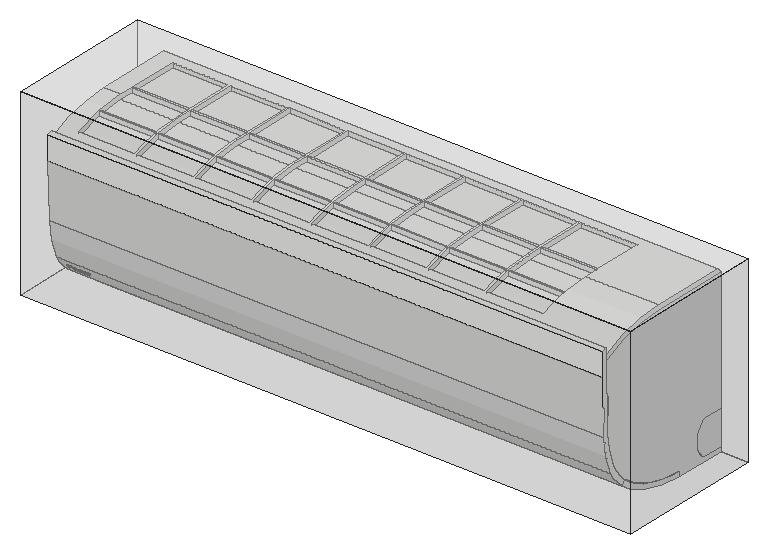
Revit family "outputfile", category 機械設備, Revit 2024
Family settings
  丸型コネクタ寸法 = 半径を使用
  パーツ タイプ = 標準
  OmniClass 番号 = 23.75.10.24.21.27.27
  OmniClass タイトル = Split System Air Conditioning Units
  作業面ベース = いいえ
  常に垂直 = はい
  ロード時にボイドで切り取り = いいえ
  注釈の向きを維持 = いいえ
  共有 = いいえ
  部屋計算ポイント = いいえ
Parameters (values of type "FTXV50UVMA")
  Description = ""
  書き出し IFC クラス(タイプ) = "IfcUnitaryEquipmentType"
  定義済み IFC タイプ(タイプ) = "AIRCONDITIONINGUNIT"
  Cost = 0
  Type Comments = ""
  Keynote = ""
  Type Image = (empty or 0)
  Assembly Code = ""
  w_wall hole = if(Width = 770.0 mm, 48.0 mm, 60.0 mm)  # 60.0 mm
  製造元 = "Daikin"
  モデル = "FTXV50UVMA"
  switch_frequency = yes
  r_Liquid Pipe Size = Liquid Pipe Size / 2  # 3.2 mm
  r_Gas Pipe Size = Gas Pipe Size / 2  # 6.35 mm
  r_Drain Pipe Size = Drain Pipe Size / 2  # 8.0 mm
  lw_powersupply [instance] = if(Width = 770.0 mm, if(or(Rear Right Connection_refrigerant, Bottom Right Connection_refrigerant), 25.0 mm, if(or(Rear Left Connection_refrigerant, Bottom Left Connection_refrigerant), 745.0 mm, 400.0 mm)), if(Width = 990.0 mm, if(or(Rear Right Connection_refrigerant, Bottom Right Connection_refrigerant), 40.0 mm, if(or(Rear Left Connection_refrigerant, Bottom Left Connection_refrigerant), 920.0 mm, 400.0 mm)), if(or(Rear Right Connection_refrigerant, Bottom Right Connection_refrigerant), 40.0 mm, if(or(Rear Left Connection_refrigerant, Bottom Left Connection_refrigerant), 920.0 mm, 400.0 mm))))  # 400.0 mm
  lw_liquidpipe [instance] = if(Width = 770.0 mm, if(or(Rear Right Connection_refrigerant, Bottom Right Connection_refrigerant), 0.0 mm, if(or(Rear Left Connection_refrigerant, Bottom Left Connection_refrigerant), 664.0 mm, 385.0 mm)), if(Width = 990.0 mm, if(or(Rear Right Connection_refrigerant, Bottom Right Connection_refrigerant), 0.0 mm, if(or(Rear Left Connection_refrigerant, Bottom Left Connection_refrigerant), 664.0 mm + (990.0 mm - 770.0 mm), 475.0 mm)), if(or(Rear Right Connection_refrigerant, Bottom Right Connection_refrigerant), 0.0 mm, if(or(Rear Left Connection_refrigerant, Bottom Left Connection_refrigerant), 664.0 mm + (990.0 mm - 770.0 mm), 475.0 mm))))  # 475.0 mm
  lw_gaspipe [instance] = if(Width = 770.0 mm, if(or(Rear Right Connection_refrigerant, Bottom Right Connection_refrigerant), 0.0 mm, if(or(Rear Left Connection_refrigerant, Bottom Left Connection_refrigerant), 675.0 mm, if(Gas Pipe Size = 12.7 mm, 345.0 mm, 335.0 mm))), if(Width = 990.0 mm, if(or(Rear Right Connection_refrigerant, Bottom Right Connection_refrigerant), 10.0 mm, if(or(Rear Left Connection_refrigerant, Bottom Left Connection_refrigerant), 890.0 mm, if(Gas Pipe Size = 15.9 mm, 410.0 mm, 400.0 mm))), if(or(Rear Right Connection_refrigerant, Bottom Right Connection_refrigerant), 10.0 mm, if(or(Rear Left Connection_refrigerant, Bottom Left Connection_refrigerant), 890.0 mm, if(Gas Pipe Size = 15.9 mm, 410.0 mm, 400.0 mm)))))  # 400.0 mm
  lw_drainpipe [instance] = if(Width = 770.0 mm, if(or(Rear Right Connection_refrigerant, Bottom Right Connection_refrigerant), 0.0 mm, if(or(Rear Left Connection_refrigerant, Bottom Left Connection_refrigerant), 770.0 mm - 48.0 mm - 48.0 mm, 440.0 mm)), if(Width = 990.0 mm, if(or(Rear Right Connection_refrigerant, Bottom Right Connection_refrigerant), 0.0 mm, if(or(Rear Left Connection_refrigerant, Bottom Left Connection_refrigerant), 675.0 mm + (990.0 mm - 770.0 mm), 435.0 mm)), if(or(Rear Right Connection_refrigerant, Bottom Right Connection_refrigerant), 0.0 mm, if(or(Rear Left Connection_refrigerant, Bottom Left Connection_refrigerant), 675.0 mm + (990.0 mm - 770.0 mm), 435.0 mm))))  # 435.0 mm
  l_powersupply_length [instance] = if(Width = 770.0 mm, if(Right Connection_refrigerant, 400.0 mm, if(Left Connection_refrigerant, 770.0 mm - 400.0 mm, if(or(Rear Left Connection_refrigerant, Rear Right Connection_refrigerant), 15.0 mm, 50.0 mm))), if(Width = 990.0 mm, if(Right Connection_refrigerant, 400.0 mm, if(Left Connection_refrigerant, 990.0 mm - 400.0 mm, if(or(Rear Left Connection_refrigerant, Rear Right Connection_refrigerant), 15.0 mm, 50.0 mm))), if(Right Connection_refrigerant, 400.0 mm, if(Left Connection_refrigerant, 990.0 mm - 400.0 mm, if(or(Rear Left Connection_refrigerant, Rear Right Connection_refrigerant), 15.0 mm, 50.0 mm)))))  # 400.0 mm
  l_liquidpipe_length [instance] = if(Width = 770.0 mm, if(Right Connection_refrigerant, 433.0 mm, if(Left Connection_refrigerant, 337.0 mm, if(or(Rear Left Connection_refrigerant, Rear Right Connection_refrigerant), 30.0 mm, 40.0 mm))), if(Width = 990.0 mm, if(Right Connection_refrigerant, 535.0 mm, if(Left Connection_refrigerant, 455.0 mm, if(or(Rear Left Connection_refrigerant, Rear Right Connection_refrigerant), 30.0 mm, 40.0 mm))), if(Right Connection_refrigerant, 535.0 mm, if(Left Connection_refrigerant, 455.0 mm, if(or(Rear Left Connection_refrigerant, Rear Right Connection_refrigerant), 30.0 mm, 40.0 mm)))))  # 535.0 mm
  l_gaspipe_length [instance] = if(Width = 770.0 mm, if(Right Connection_refrigerant, if(Gas Pipe Size = 12.7 mm, 393.0 mm, 383.0 mm), if(Left Connection_refrigerant, if(Gas Pipe Size = 12.7 mm, 770.0 mm - 393.0 mm, 770.0 mm - 383.0 mm), if(or(Rear Left Connection_refrigerant, Rear Right Connection_refrigerant), 40.0 mm, 50.0 mm))), if(Width = 990.0 mm, if(Right Connection_refrigerant, if(Gas Pipe Size = 15.9 mm, 470.0 mm, 460.0 mm), if(Left Connection_refrigerant, if(Gas Pipe Size = 15.9 mm, 990.0 mm - 470.0 mm, 990.0 mm - 460.0 mm), if(or(Rear Left Connection_refrigerant, Rear Right Connection_refrigerant), 40.0 mm, 50.0 mm))), if(Right Connection_refrigerant, if(Gas Pipe Size = 15.9 mm, 460.0 mm, 460.0 mm), if(Left Connection_refrigerant, if(Gas Pipe Size = 15.9 mm, 990.0 mm - 460.0 mm, 990.0 mm - 460.0 mm), if(or(Rear Left Connection_refrigerant, Rear Right Connection_refrigerant), 40.0 mm, 50.0 mm)))))  # 460.0 mm
  l_drainpipe_length [instance] = if(Width = 770.0 mm, if(Right Connection_refrigerant, 488.0 mm, if(Left Connection_refrigerant, 282.0 mm, if(or(Rear Left Connection_refrigerant, Rear Right Connection_refrigerant), 15.0 mm, 20.0 mm))), if(Width = 990.0 mm, if(Right Connection_refrigerant, 495.0 mm, if(Left Connection_refrigerant, 495.0 mm, if(or(Rear Left Connection_refrigerant, Rear Right Connection_refrigerant), 15.0 mm, 20.0 mm))), if(Right Connection_refrigerant, 495.0 mm, if(Left Connection_refrigerant, 495.0 mm, if(or(Rear Left Connection_refrigerant, Rear Right Connection_refrigerant), 15.0 mm, 20.0 mm)))))  # 495.0 mm
  h*** = 0.0 mm  # constant formula
  connector_voltage = Voltage_50Hz  # 230 V
  connector_powerinput = [Power Input (Cooling)]  # 1.280 kW
  connector_phase = Phase_50Hz  # 1
  angle_vertical [instance] = if(or(Bottom Left Connection_refrigerant, Bottom Right Connection_refrigerant), 0.00°, 90.00°)  # 90.00°
  angle_horizontal [instance] = if(Right Connection_refrigerant, 90.00°, if(Left Connection_refrigerant, -90.00°, if(or(Rear Left Connection_refrigerant, Rear Right Connection_refrigerant), 180.00°, 0.00°)))  # 90.00°
  Width = 990.0 mm
  Voltage_comment_60Hz = "220-230"
  Voltage_comment_50Hz = "220 - 240"
  Voltage_60Hz = 220 V
  Voltage_50Hz = 230 V
  Version = "ver.1.0"
  Unit Type = "Wall Mounted"
  Unit Mass Weight = 13.00 kg
  Unit Designation [instance] = ""
  Uniclass2015Version = "Products v1.30"
  Uniclass2015Title = "Split coil room air conditioning units"
  Uniclass2015Code = "Pr_70_65_03_86"
  URL = ""
  Total Heating Capacity [instance] = 0.000 kW
  Total Cooling Capacity [instance] = 0.000 kW
  Sound Pressure Level_M speed (dBA) = 40
  Sound Pressure Level_L speed (dBA) = 35
  Sound Pressure Level_H speed (dBA) = 45
  Sound Power Level_H speed (dB) = 0
  Series = "Single Split_Fan Coil Unit"
  Sensible Cooling Capacity [instance] = 0.000 kW
  Refrigerant Type = "R32"
  Power Input (Heating) = 1.430 kW
  Power Input (Cooling) = 1.280 kW
  Phase_60Hz = 1
  Phase_50Hz = 1
  Option Accessory 3 [instance] = ""
  Option Accessory 2 [instance] = ""
  Option Accessory 1 [instance] = ""
  Nominal Heating Capacity = 6.000 kW
  Nominal Cooling Capacity = 5.000 kW
  Minimum Circuit Amps_60Hz = 0.0 A
  Minimum Circuit Amps_50Hz = 0.0 A
  Minimum Airflow = 666.00 m³/h
  Median Airflow = 816.00 m³/h
  Maximum Fuse Amps_60Hz = 0.0 A
  Maximum Fuse Amps_50Hz = 0.0 A
  Maximum Airflow = 960.00 m³/h
  Material_Casing = DAIKIN_PureWhite_Casing_indoorunit
  Load Classification = HVAC
  Liquid Pipe Size = 6.4 mm
  Link_Nested Family [instance] = ""
  IfcVersion = ""
  IfcExportType = "AIRCONDITIONINGUNIT"
  IfcExportAs = "IfcUnitaryEquipmentType"
  Height = 295.0 mm
  Heating Entering Wet Bulb Temperature [instance] = -273.15 °C
  Heating Entering Dry Bulb Temperature [instance] = -273.15 °C
  Heating Ambient Wet Bulb Temperature [instance] = -273.15 °C
  Heating Ambient Dry Bulb Temperature [instance] = -273.15 °C
  Heat Exchanger Type = "Cross Fin Coil"
  Gas Pipe Size = 12.7 mm
  Frequency_60Hz = 60 Hz
  Frequency_50Hz = 50 Hz
  Fan Type = "Cross Flow Fan"
  Fan Drive = "-"
  FCU Tag No. [instance] = ""
  Drain Pipe Size = 16.0 mm
  Design Supply Airflow [instance] = 0.00 m³/h
  Depth = 263.0 mm
  既定の高さ = 0.0 mm
  Cooling Entering Wet Bulb Temperature [instance] = 0.00 °C
  Cooling Entering Dry Bulb Temperature [instance] = 0.00 °C
  Cooling Ambient Wet Bulb Temperature [instance] = 0.00 °C
  Cooling Ambient Dry Bulb Temperature [instance] = 0.00 °C
  Clearance visibility [instance] = yes
  Clearance Top = 30.0 mm
  Clearance Right = 50.0 mm
  Clearance Rear = 0.0 mm
  Clearance Left = 50.0 mm
  Clearance Front = 0.0 mm
  Clearance Bottom = 0.0 mm
  Bottom Right Connection_refrigerant [instance] = no
  Bottom Left Connection_refrigerant [instance] = no
  Rear Right Connection_refrigerant [instance] = no
  Rear Left Connection_refrigerant [instance] = no
  Right Connection_refrigerant [instance] = yes
  Left Connection_refrigerant [instance] = no
Reference planes
  plane 1 "Back": y = 0
  plane 2: z = 0
  plane 3 "Center (Left/Right)": x = 0
  plane 4 "Center (Front/Back)": y = -131.5
  plane 5 "Front": y = -263
  plane 6 "Left": x = -495
  plane 7 "Right": x = 495
  plane 8 "Top": z = 0
  plane 9 "Bottom": z = -295
  plane 10: x = -545
  plane 11: x = 545
  plane 12: y = 0
  plane 13: y = -263
  plane 14: z = 30
  plane 15: z = -295
  plane 16 "lw_Piping and Wiring intake": x = 435
  plane 17 "lw_gaspipe": x = 35
  plane 18 "lw_liquidpipe": x = -40
  plane 19 "lw_drainpipe": x = 0
  plane 20 "lh_drainpipe": z = -275
  plane 21 "lh_liquidpipe": z = -255
  plane 22 "lh_gaspipe": z = -245
  plane 23 "ld_drainpipe": y = -15
  plane 24 "ld_liquidpipe": y = -30
  plane 25 "ld_gaspipe": y = -40
  plane 26 "lw_powersupply": x = 95
Dimensions and locks
  equal spacing: plane 6 "Left", plane 3 "Center (Left/Right)", plane 7 "Right"
  "Width": plane 6 "Left" to plane 7 "Right"
  equal spacing: plane 5 "Front", plane 4 "Center (Front/Back)", plane 1 "Back"
  "Depth": plane 5 "Front" to plane 1 "Back"
  "Height": plane 8 "Top" to plane 9 "Bottom"
  "Clearance Rear": plane 12 to plane 1 "Back"
  "Clearance Front": plane 13 to plane 5 "Front"
  "Clearance Top": plane 14 to plane 8 "Top"
  "Clearance Bottom": plane 9 "Bottom" to plane 15
  "w_wall hole": plane 16 "lw_Piping and Wiring intake" to plane 7 "Right"
  "lw_gaspipe": plane 17 "lw_gaspipe" to plane 16 "lw_Piping and Wiring intake"
  "lw_liquidpipe": plane 18 "lw_liquidpipe" to plane 16 "lw_Piping and Wiring intake"
  "lw_drainpipe": plane 19 "lw_drainpipe" to plane 16 "lw_Piping and Wiring intake"
  locked: plane 20 "lh_drainpipe" to plane 9 "Bottom" at 20
  locked: plane 21 "lh_liquidpipe" to plane 9 "Bottom" at 40
  locked: plane 22 "lh_gaspipe" to plane 9 "Bottom" at 50
  locked: plane 23 "ld_drainpipe" to plane 1 "Back" at 15
  locked: plane 1 "Back" to plane 24 "ld_liquidpipe" at 30
  locked: plane 1 "Back" to plane 25 "ld_gaspipe" at 40
  "lw_powersupply": plane 26 "lw_powersupply" to plane 7 "Right"
  "Clearance Left": plane 10 to plane 6 "Left"
  "Clearance Right": plane 7 "Right" to plane 11
  aligned and locked: level to plane 2
  aligned and locked: plane 12 to nested 1
  aligned and locked: nested 1 to plane 13
  aligned and locked: plane 10 to nested 1
  aligned and locked: plane 11 to nested 1
  aligned and locked: plane 15 to nested 1
  aligned and locked: plane 14 to nested 1
  aligned and locked: plane 17 "lw_gaspipe" to nested 2
  aligned and locked: nested 2 to plane 25 "ld_gaspipe"
  aligned and locked: plane 18 "lw_liquidpipe" to nested 3
  aligned and locked: nested 3 to plane 24 "ld_liquidpipe"
  aligned and locked: plane 19 "lw_drainpipe" to nested 4
  aligned and locked: nested 4 to plane 23 "ld_drainpipe"
  aligned and locked: nested 5 to plane 23 "ld_drainpipe"
  aligned and locked: plane 26 "lw_powersupply" to nested 5
  aligned and locked: level to plane 8 "Top"
  aligned and locked: plane 3 "Center (Left/Right)" to nested 6
  aligned and locked: plane 1 "Back" to nested 6
  aligned and locked: plane 8 "Top" to nested 6
Nested families
  nested 1: "daikin_clearancespace" at (0, -131.5, -132.381), show <- "Clearance visibility", visible <- "Clearance visibility", Link_Nested Family <- "Link_Nested Family", type "daikin_clearancespace"
    with width 1090.0 mm, show yes, height 325.0 mm, depth 263.0 mm, Link_Nested Family ""
  nested 2: "daikin_connector_rotate3" at (35, -40, -245), angle_vertical <- "angle_vertical", angle_horizontal <- "angle_horizontal", length <- "l_gaspipe_length", radius <- "r_Gas Pipe Size", type "daikin_connector_rotate3"
    with show no, radius 6.35 mm, length 460.0 mm, angle_vertical 90.00°, angle_horizontal 90.00°
  nested 3: "daikin_connector_rotate3" at (-40, -30, -255), angle_vertical <- "angle_vertical", angle_horizontal <- "angle_horizontal", radius <- "r_Liquid Pipe Size", length <- "l_liquidpipe_length", type "daikin_connector_rotate3"
    with show no, radius 3.2 mm, length 535.0 mm, angle_vertical 90.00°, angle_horizontal 90.00°
  nested 4: "daikin_connector_rotate3" at (0, -15, -275), angle_vertical <- "angle_vertical", angle_horizontal <- "angle_horizontal", length <- "l_drainpipe_length", radius <- "r_Drain Pipe Size", type "daikin_connector_rotate3"
    with show no, radius 8.0 mm, length 495.0 mm, angle_vertical 90.00°, angle_horizontal 90.00°
  nested 5: "daikin_connector_rotate3" at (95, -15, -245), angle_vertical <- "angle_vertical", angle_horizontal <- "angle_horizontal", length <- "l_powersupply_length", type "daikin_connector_rotate3"
    with show no, radius 10.0 mm, length 400.0 mm, angle_vertical 90.00°, angle_horizontal 90.00°
  nested 6: "DAIKIN_indoorunit_FTXV-UVMA" at (-31, 0, 0), type "FTXV-UVMA"
Connectors
  piping at (495, -40, -245), diameter 12.7, driven by "r_Gas Pipe Size"
    settings: on nested 2, index 1, connector inside diameter 609.6 mm, connector length 0.0 mm, flow factor 0, pipe flow 0.00 m³/h, pressure drop 0.0 Pa, fitting loss kfactor 0, connector angle 0.00°, fixture units 0, engagement length 0.0 mm, angle of deflection 0.00°, flow configuration 1, flow direction 2, fitting loss method 0, system type 29, joint type 0, gender type 0, connector reference index -1, connector utility 0, adjustable connector no, is connector primary yes, connector description "Refrigerant Gas Piping"
  piping at (495, -30, -255), diameter 6.4, driven by "r_Liquid Pipe Size"
    settings: on nested 3, index 2, connector inside diameter 609.6 mm, connector length 0.0 mm, flow factor 0, pipe flow 0.00 m³/h, pressure drop 0.0 Pa, fitting loss kfactor 0, connector angle 0.00°, fixture units 0, engagement length 0.0 mm, angle of deflection 0.00°, flow configuration 1, flow direction 1, fitting loss method 0, system type 29, joint type 0, gender type 0, connector reference index -1, connector utility 0, adjustable connector no, is connector primary no, connector description "Refrigerant Liquid Piping"
  piping at (495, -15, -275), diameter 16, driven by "r_Drain Pipe Size"
    settings: on nested 4, index 3, connector inside diameter 609.6 mm, connector length 0.0 mm, flow factor 0, pipe flow 0.00 m³/h, pressure drop 0.0 Pa, fitting loss kfactor 0, connector angle 0.00°, fixture units 0, engagement length 0.0 mm, angle of deflection 0.00°, flow configuration 1, flow direction 2, fitting loss method 4, system type 16, joint type 0, gender type 0, connector reference index -1, connector utility 0, adjustable connector no, is connector primary no, connector description "Condensate Drain Piping"
  electrical at (495, -15, -245), driven by "Load Classification", driven by "connector_voltage", driven by "connector_phase", driven by "connector_powerinput"
    settings: on nested 5, index 4, voltage 230 V, apparent load 1280 VA, apparent load phase1 0 VA, apparent load phase2 0 VA, apparent load phase3 0 VA, power factor 1, load classification "HVAC", number of poles 1, system type 30, power factor state 1, is connector primary yes, connector utility no, sub classification motor no, connector description "Power Supply"
Definition of nested family "daikin_clearancespace"
  Parameters (values of type "daikin_clearancespace")
    Description = "daikin_clearancespace"
    width [instance] = 1823.963 mm
    show [instance] = yes
    material = none
    height [instance] = 1359.762 mm
    depth [instance] = 880.0 mm
    Default Elevation = 0.0 mm
    Link_Nested Family [instance] = ""
  Reference planes
    plane 1 "Center (Front/Back)": y = 0
    plane 2 "Center (Elevation)": z = -0.119
    plane 3 "Center (Left/Right)": x = 0
    plane 4: y = 440
    plane 5: y = -440
    plane 6 "Right": x = 911.982
    plane 7 "Left": x = -911.982
    plane 8 "Top": z = 679.762
    plane 9 "Bottom": z = -680
  Forms (mm)
    Extrusion 1, solid, material <- "material", visible <- "show"
      sketch origin (0, 0, 0) x (1, 0, 0) y (0, 1, 0)
        loop
          line (-911.982, 440) -> (-911.982, -440) -> (911.982, -440) -> (911.982, 440) -> (-911.982, 440)
      from -680 to 679.762
  Lines and regions (mm)
    symbolic lines, visible <- "show"
      curve 1: line (911.982, 440, 0) -> (-911.982, 440, 0)
      curve 2: line (-911.982, 440, 0) -> (-911.982, -440, 0)
      curve 3: line (-911.982, -440, 0) -> (911.982, -440, 0)
      curve 4: line (911.982, -440, 0) -> (911.982, 440, 0)
      curve 5: line (911.982, 0, 679.762) -> (-911.982, 0, 679.762)
      curve 6: line (911.982, 0, -680) -> (911.982, 0, 679.762)
      curve 7: line (-911.982, 0, -680) -> (911.982, 0, -680)
      curve 8: line (-911.982, 0, 679.762) -> (-911.982, 0, -680)
      curve 9: line (0, 440, 679.762) -> (0, -440, 679.762)
      curve 10: line (0, -440, 679.762) -> (0, -440, -680)
      curve 11: line (0, 440, -680) -> (0, 440, 679.762)
      curve 12: line (0, -440, -680) -> (0, 440, -680)
  Dimensions and locks
    "width": plane 7 "Left" to plane 6 "Right"
    "depth": plane 4 to plane 5
    "height": plane 8 "Top" to plane 9 "Bottom"
    equal spacing: plane 7 "Left", plane 3 "Center (Left/Right)", plane 6 "Right"
    equal spacing: plane 4, plane 1 "Center (Front/Back)", plane 5
    equal spacing: plane 8 "Top", plane 2 "Center (Elevation)", plane 9 "Bottom"
    aligned and locked: level to plane 2 "Center (Elevation)"
    aligned and locked: Extrusion 1 sketch curve to plane 4
    aligned and locked: plane 7 "Left" to Extrusion 1 sketch curve
    aligned and locked: Extrusion 1 sketch curve to plane 5
    aligned and locked: Extrusion 1 sketch curve to plane 6 "Right"
    aligned and locked: plane 8 "Top" to Extrusion 1
    aligned and locked: curve 1 to Extrusion 1
    aligned and locked: curve 2 to Extrusion 1
    aligned and locked: curve 3 to Extrusion 1
    aligned and locked: curve 4 to Extrusion 1
    aligned and locked: curve 5 to Extrusion 1
    aligned and locked: curve 6 to Extrusion 1
    aligned and locked: curve 7 to Extrusion 1
    aligned and locked: curve 8 to Extrusion 1
    aligned and locked: curve 9 to Extrusion 1
    aligned and locked: curve 10 to Extrusion 1
    aligned and locked: curve 11 to Extrusion 1
    aligned and locked: curve 12 to Extrusion 1
    aligned and locked: Extrusion 1 to plane 9 "Bottom"
Definition of nested family "DAIKIN_indoorunit_FTXV-UVMA"
  Parameters (values of type "FTKF-TVMA")
    Width=990 = Width = 990.0 mm  # yes
    Width=770 = Width = 770.0 mm  # no
    Width = 990.0 mm
    WALL HOLE-R = if(Width = 770.0 mm, 48.0 mm, 60.0 mm)  # 60.0 mm
    WALL HOLE Size = if(Width = 770.0 mm, 65.0 mm, 80.0 mm)  # 80.0 mm
    Material_Casing = none
    Height = if(Width = 770.0 mm, 285.0 mm, 295.0 mm)  # 295.0 mm
    Default Elevation = 0.0 mm
  Reference planes
    plane 1 "Center (Front/Back)": y = 0
    plane 2 "reference_level": z = 0
    plane 3 "Center (Left/Right)": x = 31
    plane 4: x = -464
    plane 5: x = 526
    plane 6: z = -295
  Forms (mm)
    Extrusion 1, solid, material <- "Material_Casing", visible <- "Width=770"
      sketch origin (29, 0, 0) x (0, 1, 0) y (0, 0, 1)
        loop
          line (-5, 0) -> (-98, 0)
          arc (-98, 0) -> (-157.611, -7.211) -> (-213.783, -28.427) r 250
          arc (-213.783, -28.427) -> (-213.842, -32.972) -> (-213.892, -37.516) r 2191
          arc (-213.892, -37.516) -> (-157.832, -15.495) -> (-98.07, -8) r 242
          line (-98.07, -8) -> (0, -8) -> (-5, 0)
      from -383 to 387
    Extrusion 2, solid, material <- "Material_Casing", visible <- "Width=770"
      sketch origin (416, 1296.25, 1200) x (0, 1, 0) y (0, 0, 1)
        loop
          line (-1472.998, -1446.91) -> (-1476.998, -1453.839)
          arc (-1476.998, -1453.839) -> (-1437.481, -1472.422) -> (-1395.25, -1483.538) r 240
          line (-1395.25, -1483.538) -> (-1395.25, -1475.422)
          arc (-1395.25, -1475.422) -> (-1435.407, -1464.663) -> (-1472.998, -1446.91) r 232
      from 0 to -47.5
    Extrusion 3, solid, material <- "Material_Casing", visible <- "Width=770"
      sketch origin (29, 0, 0) x (0, 1, 0) y (0, 0, 1)
        loop
          arc (-223, -60.455) -> (-222.414, -110.646) -> (-220.656, -160.81) r 2149.92
          arc (-220.656, -160.81) -> (-219.65, -174.299) -> (-217.853, -187.706) r 229.911
          arc (-217.853, -187.706) -> (-205.371, -223.594) -> (-181.517, -253.17) r 111
          line (-181.517, -253.17) -> (-177.429, -246.093)
          arc (-177.429, -246.093) -> (-198.77, -218.989) -> (-209.965, -186.36) r 103
          arc (-209.965, -186.36) -> (-211.681, -173.586) -> (-212.651, -160.735) r 221.844
          arc (-212.651, -160.735) -> (-214.739, -93.233) -> (-214.74, -25.699) r 2186.828
          arc (-214.74, -25.699) -> (-214.671, -21.467) -> (-214.594, -17.235) r 2192
          line (-214.594, -17.235) -> (-223, -19.961) -> (-223, -60.455)
      from -383 to 387
    Extrusion 4, solid, material <- "Material_Casing", visible <- "Width=770"
      sketch origin (29, 0, -20) x (0, 1, 0) y (0, 0, 1)
        loop
          line (0, -265) -> (0, 12) -> (-98.07, 12)
          arc (-98.07, 12) -> (-157.832, 4.505) -> (-213.892, -17.516) r 242
          arc (-213.892, -17.516) -> (-213.638, -79.114) -> (-211.653, -140.681) r 2191
          arc (-211.653, -140.681) -> (-210.685, -153.501) -> (-208.973, -166.243) r 221
          arc (-208.973, -166.243) -> (-197.471, -199.282) -> (-175.482, -226.491) r 102
          arc (-175.482, -226.491) -> (-138.004, -244.019) -> (-98, -254.579) r 231
          line (-98, -254.579) -> (-98, -265) -> (0, -265)
      from -383 to 387
    Extrusion 5, solid, material <- "Material_Casing", visible <- "Width=770"
      sketch origin (-354, 1296.25, 1200) x (0, 1, 0) y (0, 0, 1)
        loop
          line (-1472.998, -1446.91) -> (-1476.998, -1453.839)
          arc (-1476.998, -1453.839) -> (-1437.481, -1472.422) -> (-1395.25, -1483.538) r 240
          line (-1395.25, -1483.538) -> (-1395.25, -1475.422)
          arc (-1395.25, -1475.422) -> (-1435.407, -1464.663) -> (-1472.998, -1446.91) r 232
      from 47 to 0
    Extrusion 6, solid, material <- "Material_Casing", visible <- "Width=770"
      sketch origin (416, 1296.25, 1200) x (0, 1, 0) y (0, 0, 1)
        loop
          line (-1472.998, -1446.91) -> (-1476.998, -1453.839)
          arc (-1476.998, -1453.839) -> (-1443.437, -1470.168) -> (-1407.75, -1481.097) r 240
          line (-1407.75, -1481.097) -> (-1407.75, -1472.894)
          arc (-1407.75, -1472.894) -> (-1441.363, -1462.385) -> (-1472.998, -1446.91) r 232
      from -116.993 to -48.493
    Extrusion 7, solid, material <- "Material_Casing", visible <- "Width=770"
      sketch origin (416, 1296.25, 1200) x (0, 1, 0) y (0, 0, 1)
        loop
          line (-1472.998, -1446.91) -> (-1476.998, -1453.839)
          arc (-1476.998, -1453.839) -> (-1443.437, -1470.168) -> (-1407.75, -1481.097) r 240
          line (-1407.75, -1481.097) -> (-1407.75, -1472.894)
          arc (-1407.75, -1472.894) -> (-1441.363, -1462.385) -> (-1472.998, -1446.91) r 232
      from -717 to -121.993
    Extrusion 8, void
      sketch origin (31, 0, -235) x (1, 0, 0) y (0, 1, 0)
        loop
          line (-252.674, -22.316) -> (-354.941, -22.316) -> (-354.941, -91.341) -> (-252.674, -91.341) -> (-252.674, -22.316)
        loop
          line (-249.341, -91.341) -> (-151.574, -91.341) -> (-151.574, -22.316) -> (-249.341, -22.316) -> (-249.341, -91.341)
        loop
          line (58.309, -22.316) -> (-148.309, -22.316) -> (-148.309, -91.341) -> (58.309, -91.341) -> (58.309, -22.316)
        loop
          line (61.689, -22.316) -> (61.689, -91.341) -> (159.457, -91.341) -> (159.457, -22.316) -> (61.689, -22.316)
        loop
          line (162.789, -22.316) -> (162.789, -91.341) -> (265.057, -91.341) -> (265.057, -22.316) -> (162.789, -22.316)
        loop
          line (-354.941, -94.659) -> (-354.941, -165.259) -> (-252.674, -165.259) -> (-252.674, -94.659) -> (-354.941, -94.659)
        loop
          line (-249.341, -94.659) -> (-249.341, -165.259) -> (-151.574, -165.259) -> (-151.574, -94.659) -> (-249.341, -94.659)
        loop
          line (-148.309, -94.659) -> (-148.309, -165.259) -> (58.309, -165.259) -> (58.309, -94.659) -> (-148.309, -94.659)
        loop
          line (61.689, -94.659) -> (61.689, -165.259) -> (159.457, -165.259) -> (159.457, -94.659) -> (61.689, -94.659)
        loop
          line (162.789, -94.659) -> (162.789, -165.259) -> (265.057, -165.259) -> (265.057, -94.659) -> (162.789, -94.659)
        loop
          line (-354.941, -167.382) -> (-354.941, -192.681) -> (-252.674, -192.681) -> (-252.674, -167.382) -> (-354.941, -167.382)
        loop
          line (-249.341, -167.382) -> (-249.341, -192.681) -> (-151.574, -192.681) -> (-151.574, -167.382) -> (-249.341, -167.382)
        loop
          line (-148.309, -167.382) -> (-148.309, -192.681) -> (58.309, -192.681) -> (58.309, -167.382) -> (-148.309, -167.382)
        loop
          line (159.457, -167.382) -> (61.689, -167.382) -> (61.689, -192.681) -> (159.457, -192.681) -> (159.457, -167.382)
        loop
          line (265.057, -167.382) -> (162.789, -167.382) -> (162.789, -192.681) -> (265.057, -192.681) -> (265.057, -167.382)
      from 201.638 to 250
    Extrusion 9, solid, material <- "Material_Casing"
      sketch origin (31, 0, 0) x (1, 0, 0) y (0, 0, 1)
        loop
          circle (435, -250.5) r 40
        loop
          circle (-447, -250.5) r 40
      from 0 to 5
    Extrusion 10, solid, material <- "Material_Casing", visible <- "Width=770"
      sketch origin (416, 1296.25, 1200) x (0, -1, 0) y (0, 0, 1)
        loop
          line (1326.25, -1417) -> (1296.25, -1417) -> (1296.25, -1477) -> (1326.25, -1477)
          arc (1326.25, -1477) -> (1340.393, -1471.142) -> (1346.25, -1457) r 20
          line (1346.25, -1457) -> (1346.25, -1437)
          arc (1346.25, -1437) -> (1340.393, -1422.858) -> (1326.25, -1417) r 20
      from 0 to 5
    Extrusion 11, solid, material <- "Material_Casing", visible <- "Width=770"
      sketch origin (-354, 1296.25, 1200) x (0, 1, 0) y (0, 0, 1)
        loop
          line (-1296.25, -1417) -> (-1326.25, -1417)
          arc (-1326.25, -1417) -> (-1340.393, -1422.858) -> (-1346.25, -1437) r 20
          line (-1346.25, -1437) -> (-1346.25, -1457)
          arc (-1346.25, -1457) -> (-1340.393, -1471.142) -> (-1326.25, -1477) r 20
          line (-1326.25, -1477) -> (-1296.25, -1477) -> (-1296.25, -1417)
      from 0 to 5
    Extrusion 12, solid, material <- "Material_Casing", visible <- "Width=770"
      sketch origin (31, 0, -285) x (-1, 0, 0) y (0, -1, 0)
        loop
          line (-314, 0) -> (-314, 30)
          arc (-314, 30) -> (-319.858, 44.142) -> (-334, 50) r 20
          line (-334, 50) -> (-354, 50)
          arc (-354, 50) -> (-368.142, 44.142) -> (-374, 30) r 20
          line (-374, 30) -> (-374, 0) -> (-314, 0)
        loop
          line (374, 0) -> (374, 30)
          arc (374, 30) -> (368.142, 44.142) -> (354, 50) r 20
          line (354, 50) -> (334, 50)
          arc (334, 50) -> (319.858, 44.142) -> (314, 30) r 20
          line (314, 30) -> (314, 0) -> (374, 0)
      from 0 to 5
    Extrusion 13, solid, material <- "Material_Casing", visible <- "Width=990"
      sketch origin (31, 0, 0) x (0, 1, 0) y (0, 0, 1)
        loop
          line (-5, 0) -> (-138, 0)
          arc (-138, 0) -> (-197.611, -7.211) -> (-253.783, -28.427) r 250
          arc (-253.783, -28.427) -> (-253.838, -32.687) -> (-253.886, -36.946) r 2191
          arc (-253.886, -36.946) -> (-197.73, -15.346) -> (-138.014, -8) r 246.393
          line (-138.014, -8) -> (0, -8) -> (-5, 0)
      from -495 to 495
    Extrusion 14, solid, material <- "Material_Casing", visible <- "Width=990"
      sketch origin (418, 1296.25, 1200) x (0, 1, 0) y (0, 0, 1)
        loop
          arc (-1515.208, -1454.149) -> (-1506.856, -1460.599) -> (-1497.925, -1466.219) r 110
          arc (-1497.925, -1466.219) -> (-1445.718, -1487.493) -> (-1389.844, -1494.995) r 223
          line (-1389.844, -1494.995) -> (-1389.844, -1486.086) -> (-1404.386, -1486.086)
          arc (-1404.386, -1486.086) -> (-1449.542, -1477.46) -> (-1491.818, -1459.402) r 214.289
          arc (-1491.818, -1459.402) -> (-1501.056, -1453.541) -> (-1509.606, -1446.715) r 101
          line (-1509.606, -1446.715) -> (-1515.208, -1454.149)
      from 108 to 57.5
    Extrusion 15, solid, material <- "Material_Casing", visible <- "Width=990"
      sketch origin (31, 0, 0) x (0, 1, 0) y (0, 0, 1)
        loop
          line (-263, -19.962) -> (-263, -61.6)
          arc (-263, -61.6) -> (-262.414, -110.219) -> (-260.656, -158.81) r 2017.341
          arc (-260.656, -158.81) -> (-255.648, -191.935) -> (-244.041, -223.362) r 164.725
          arc (-244.041, -223.362) -> (-233.569, -239.793) -> (-219.717, -253.495) r 87.379
          line (-219.717, -253.495) -> (-214.706, -246.846)
          arc (-214.706, -246.846) -> (-229.564, -230.029) -> (-240.385, -210.371) r 102
          arc (-240.385, -210.371) -> (-249.049, -182.962) -> (-252.848, -154.467) r 165.789
          arc (-252.848, -154.467) -> (-254.771, -90.102) -> (-254.74, -25.708) r 2122.533
          arc (-254.74, -25.708) -> (-254.671, -21.469) -> (-254.594, -17.23) r 2192
          line (-254.594, -17.23) -> (-263, -19.962)
      from -495 to 495
    Extrusion 16, void
      sketch origin (33, 0, 0) x (1, 0, 0) y (0, 1, 0)
        loop
          line (-466.909, -22.316) -> (-466.909, -111.341) -> (-366.303, -111.341) -> (-366.303, -22.316) -> (-466.909, -22.316)
        loop
          line (-362.71, -22.316) -> (-362.71, -111.341) -> (-262.103, -111.341) -> (-262.103, -22.316) -> (-362.71, -22.316)
        loop
          line (-258.51, -22.316) -> (-258.51, -111.341) -> (-157.904, -111.341) -> (-157.904, -22.316) -> (-258.51, -22.316)
        loop
          line (-154.31, -22.316) -> (-154.31, -111.341) -> (-53.704, -111.341) -> (-53.704, -22.316) -> (-154.31, -22.316)
        loop
          line (-50.11, -22.316) -> (-50.11, -111.341) -> (50.496, -111.341) -> (50.496, -22.316) -> (-50.11, -22.316)
        loop
          line (54.089, -22.316) -> (54.089, -111.341) -> (154.696, -111.341) -> (154.696, -22.316) -> (54.089, -22.316)
        loop
          line (158.289, -22.316) -> (158.289, -111.341) -> (258.895, -111.341) -> (258.895, -22.316) -> (158.289, -22.316)
        loop
          line (262.489, -22.316) -> (262.489, -111.341) -> (363.095, -111.341) -> (363.095, -22.316) -> (262.489, -22.316)
        loop
          line (-466.909, -114.459) -> (-466.909, -185.059) -> (-366.303, -185.059) -> (-366.303, -114.459) -> (-466.909, -114.459)
        loop
          line (-362.71, -114.459) -> (-362.71, -185.059) -> (-262.103, -185.059) -> (-262.103, -114.459) -> (-362.71, -114.459)
        loop
          line (-258.51, -114.459) -> (-258.51, -185.059) -> (-157.904, -185.059) -> (-157.904, -114.459) -> (-258.51, -114.459)
        loop
          line (-154.31, -114.459) -> (-154.31, -185.059) -> (-53.704, -185.059) -> (-53.704, -114.459) -> (-154.31, -114.459)
        loop
          line (-50.11, -114.459) -> (-50.11, -185.059) -> (50.496, -185.059) -> (50.496, -114.459) -> (-50.11, -114.459)
        loop
          line (54.089, -114.459) -> (54.089, -185.059) -> (154.696, -185.059) -> (154.696, -114.459) -> (54.089, -114.459)
        loop
          line (158.289, -114.459) -> (158.289, -185.059) -> (258.895, -185.059) -> (258.895, -114.459) -> (158.289, -114.459)
        loop
          line (262.489, -114.459) -> (262.489, -185.059) -> (363.095, -185.059) -> (363.095, -114.459) -> (262.489, -114.459)
        loop
          line (-466.909, -187.382) -> (-466.909, -232.681) -> (-366.303, -232.681) -> (-366.303, -187.382) -> (-466.909, -187.382)
        loop
          line (-362.71, -187.382) -> (-362.71, -232.681) -> (-262.103, -232.681) -> (-262.103, -187.382) -> (-362.71, -187.382)
        loop
          line (-258.51, -187.382) -> (-258.51, -232.681) -> (-157.904, -232.681) -> (-157.904, -187.382) -> (-258.51, -187.382)
        loop
          line (-154.31, -187.382) -> (-154.31, -232.681) -> (-53.704, -232.681) -> (-53.704, -187.382) -> (-154.31, -187.382)
        loop
          line (-50.11, -187.382) -> (-50.11, -232.681) -> (50.496, -232.681) -> (50.496, -187.382) -> (-50.11, -187.382)
        loop
          line (54.089, -187.382) -> (54.089, -232.681) -> (154.696, -232.681) -> (154.696, -187.382) -> (54.089, -187.382)
        loop
          line (158.289, -187.382) -> (158.289, -232.681) -> (258.895, -232.681) -> (258.895, -187.382) -> (158.289, -187.382)
        loop
          line (262.489, -187.382) -> (262.489, -232.681) -> (363.095, -232.681) -> (363.095, -187.382) -> (262.489, -187.382)
      from -40.013 to 47.268
    Extrusion 17, solid, material <- "Material_Casing", visible <- "Width=990"
      sketch origin (-356, 1296.25, 1200) x (0, 1, 0) y (0, 0, -1)
        loop
          line (-1515.208, 1454.149) -> (-1509.606, 1446.715)
          arc (-1509.606, 1446.715) -> (-1501.056, 1453.541) -> (-1491.818, 1459.402) r 101
          arc (-1491.818, 1459.402) -> (-1449.542, 1477.46) -> (-1404.386, 1486.086) r 214.289
          line (-1404.386, 1486.086) -> (-1389.844, 1486.086) -> (-1389.844, 1494.995)
          arc (-1389.844, 1494.995) -> (-1445.718, 1487.493) -> (-1497.925, 1466.219) r 223
          arc (-1497.925, 1466.219) -> (-1506.856, 1460.599) -> (-1515.208, 1454.149) r 110
      from 108 to 61
    Extrusion 18, solid, material <- "Material_Casing", visible <- "Width=990"
      sketch origin (418, 1296.25, 1200) x (0, 1, 0) y (0, 0, 1)
        loop
          arc (-1515.208, -1454.149) -> (-1506.856, -1460.599) -> (-1497.925, -1466.219) r 110
          arc (-1497.925, -1466.219) -> (-1463.185, -1482.066) -> (-1426.25, -1491.755) r 223
          line (-1426.25, -1491.755) -> (-1426.25, -1483.166)
          arc (-1426.25, -1483.166) -> (-1460.008, -1473.969) -> (-1491.818, -1459.402) r 214.289
          arc (-1491.818, -1459.402) -> (-1501.056, -1453.541) -> (-1509.606, -1446.715) r 101
          line (-1509.606, -1446.715) -> (-1515.208, -1454.149)
      from 56.5 to -36.993
    Extrusion 19, solid, material <- "Material_Casing", visible <- "Width=990"
      sketch origin (418, 1296.25, 1200) x (0, 1, 0) y (0, 0, 1)
        loop
          arc (-1426.25, -1483.166) -> (-1443.442, -1479.224) -> (-1460.25, -1473.881) r 214.289
          line (-1460.25, -1473.881) -> (-1460.25, -1483.089)
          arc (-1460.25, -1483.089) -> (-1443.421, -1488.091) -> (-1426.25, -1491.755) r 223
          line (-1426.25, -1491.755) -> (-1426.25, -1483.166)
      from -43.493 to -828.893
    Extrusion 20, solid, material <- "Material_Casing", visible <- "Width=990"
      sketch origin (418, 1296.25, 1200) x (0, 1, 0) y (0, 0, 1)
        loop
          arc (-1515.208, -1454.149) -> (-1506.856, -1460.599) -> (-1497.925, -1466.219) r 110
          arc (-1497.925, -1466.219) -> (-1479.479, -1475.527) -> (-1460.25, -1483.089) r 223
          line (-1460.25, -1483.089) -> (-1460.25, -1473.881)
          arc (-1460.25, -1473.881) -> (-1476.328, -1467.282) -> (-1491.818, -1459.402) r 214.289
          arc (-1491.818, -1459.402) -> (-1501.056, -1453.541) -> (-1509.606, -1446.715) r 101
          line (-1509.606, -1446.715) -> (-1515.208, -1454.149)
      from -43.493 to -828.893
    Extrusion 21, solid, material <- "Material_Casing", visible <- "Width=990"
      sketch origin (31, 0, -30) x (0, 1, 0) y (0, 0, 1)
        loop
          line (0, 22) -> (-138.014, 22)
          arc (-138.014, 22) -> (-197.73, 14.654) -> (-253.886, -6.946) r 246.393
          arc (-253.886, -6.946) -> (-253.682, -65.635) -> (-251.855, -124.295) r 2120.935
          arc (-251.855, -124.295) -> (-248.086, -152.682) -> (-239.461, -179.988) r 164.789
          arc (-239.461, -179.988) -> (-228.903, -199.231) -> (-214.437, -215.738) r 101
          line (-214.437, -215.738) -> (-212.406, -216.221)
          arc (-212.406, -216.221) -> (-204.07, -222.837) -> (-195.079, -228.53) r 100
          arc (-195.079, -228.53) -> (-145.557, -248.629) -> (-92.593, -255.785) r 213.289
          line (-92.593, -255.785) -> (-92.593, -265) -> (0, -265) -> (0, 22)
      from -495 to 495
    Extrusion 22, solid, material <- "Material_Casing", visible <- "Width=990"
      sketch origin (526, 1296.25, 1200) x (0, -1, 0) y (0, 0, 1)
        loop
          line (1326.25, -1427.035) -> (1296.25, -1427.035) -> (1296.25, -1487.035) -> (1326.25, -1487.035)
          arc (1326.25, -1487.035) -> (1340.393, -1481.177) -> (1346.25, -1467.035) r 20
          line (1346.25, -1467.035) -> (1346.25, -1447.035)
          arc (1346.25, -1447.035) -> (1340.393, -1432.892) -> (1326.25, -1427.035) r 20
      from 0 to 5
    Extrusion 23, solid, material <- "Material_Casing", visible <- "Width=990"
      sketch origin (-459, 1296.25, 1200) x (0, -1, 0) y (0, 0, 1)
        loop
          line (1326.25, -1427.035) -> (1296.25, -1427.035) -> (1296.25, -1487.035) -> (1326.25, -1487.035)
          arc (1326.25, -1487.035) -> (1340.393, -1481.177) -> (1346.25, -1467.035) r 20
          line (1346.25, -1467.035) -> (1346.25, -1447.035)
          arc (1346.25, -1447.035) -> (1340.393, -1432.892) -> (1326.25, -1427.035) r 20
      from 0 to 5
    Extrusion 24, solid, material <- "Material_Casing", visible <- "Width=990"
      sketch origin (31, 200, -295) x (-1, 0, 0) y (0, -1, 0)
        loop
          line (469, 200) -> (469, 230)
          arc (469, 230) -> (463.142, 244.142) -> (449, 250) r 20
          line (449, 250) -> (429, 250)
          arc (429, 250) -> (414.858, 244.142) -> (409, 230) r 20
          line (409, 230) -> (409, 200) -> (469, 200)
        loop
          line (-469, 200) -> (-409, 200) -> (-409, 230)
          arc (-409, 230) -> (-414.858, 244.142) -> (-429, 250) r 20
          line (-429, 250) -> (-449, 250)
          arc (-449, 250) -> (-463.142, 244.142) -> (-469, 230) r 20
          line (-469, 230) -> (-469, 200)
      from 0 to 5
  Cuts and joins
    Extrusion 8 cuts Extrusion 1
    Extrusion 16 cuts Extrusion 13
  Lines and regions (mm)
    reference lines
      curve 1: line (-523, -201.911, -229.404) -> (-523, -193.542, -239.977)
      curve 2: line (-523, -240.779, -229.404) -> (-523, -232.411, -239.977)
  Dimensions and locks
    locked: Extrusion 10 sketch curve to Extrusion 10 sketch curve at 60
    locked: Extrusion 10 sketch curve to Extrusion 10 sketch curve at 50
    locked: Extrusion 12 sketch curve to Extrusion 12 sketch curve at 60  (x2)
    locked: Extrusion 12 sketch curve to Extrusion 12 sketch curve at 50
    equal spacing: plane 5, plane 3 "Center (Left/Right)", plane 4
    "Width": plane 5 to plane 4
    locked: Extrusion 9 sketch curve to plane 4 at 48
    "WALL HOLE-R": plane 5 to Extrusion 9 sketch curve
    "Height": plane 2 "reference_level" to plane 6
    locked: Extrusion 9 sketch curve to plane 6 at 44.5  (x2)
    locked: Extrusion 15 to nested 2 at 15
    locked: Extrusion 22 sketch curve to Extrusion 22 sketch curve at 60
    locked: Extrusion 22 sketch curve to Extrusion 22 sketch curve at 50
    locked: Extrusion 23 sketch curve to Extrusion 23 sketch curve at 60
    locked: Extrusion 23 sketch curve to Extrusion 23 sketch curve at 50
    locked: Extrusion 24 sketch curve to Extrusion 24 sketch curve at 60  (x2)
    locked: Extrusion 24 sketch curve to Extrusion 24 sketch curve at 50  (x2)
    "WALL HOLE Size": diameter of Extrusion 9 sketch curve  (x2)
    aligned and locked: level to plane 2 "reference_level"
    aligned and locked: nested 1 to curve 1
    aligned and locked: Extrusion 11 sketch curve to Extrusion 10  (x4)
    aligned and locked: Extrusion 12 sketch curve to Extrusion 12 sketch curve  (x2)
    aligned and locked: Extrusion 9 to plane 1 "Center (Front/Back)"
    aligned and locked: nested 2 to curve 2
  Automatic sketch dimensions
    curve 1 to level = 239.977 mm
    plane 1 "Center (Front/Back)" to curve 1 = 193.542 mm
    curve 2 to curve 1 = 0.0 mm
    curve 2 to curve 2 = 10.573 mm
    curve 1 to curve 1 = 10.573 mm
    curve 1 to curve 1 = 8.368 mm
    curve 1 to curve 2 = 30.5 mm
    curve 2 to curve 2 = 8.368 mm
    Extrusion 1 sketch curve to level = 0.0 mm
    Extrusion 1 sketch curve to plane 1 "Center (Front/Back)" = 0.0 mm
    plane 1 "Center (Front/Back)" to Extrusion 1 sketch curve = 5.0 mm
    plane 1 "Center (Front/Back)" to Extrusion 1 sketch curve = 98.0 mm
    Extrusion 1 sketch curve to Extrusion 1 sketch curve = 0.07 mm
    Extrusion 1 sketch curve to level = 59.292 mm
    Extrusion 1 sketch curve to plane 1 "Center (Front/Back)" = 1977.0 mm
    Extrusion 1 sketch curve to level = 250.0 mm
    Extrusion 1 sketch curve to Extrusion 1 sketch curve = 0.0 mm
    Extrusion 1 sketch curve to level = 8.0 mm
    Extrusion 1 sketch curve to level = 28.427 mm
    plane 1 "Center (Front/Back)" to Extrusion 2 sketch curve = 180.748 mm
    Extrusion 2 sketch curve to Extrusion 2 sketch curve = 4.0 mm
    Extrusion 2 sketch curve to Extrusion 2 sketch curve = 77.747 mm
    plane 1 "Center (Front/Back)" to Extrusion 2 sketch curve = 59.279 mm
    Extrusion 2 sketch curve to Extrusion 2 sketch curve = 0.0 mm
    Extrusion 2 sketch curve to level = 283.538 mm
    Extrusion 2 sketch curve to Extrusion 2 sketch curve = 8.116 mm
    Extrusion 2 sketch curve to Extrusion 2 sketch curve = 21.583 mm
    Extrusion 2 sketch curve to Extrusion 2 sketch curve = 6.929 mm
    Extrusion 3 sketch curve to level = 19.961 mm
    plane 1 "Center (Front/Back)" to Extrusion 3 sketch curve = 223.0 mm
    Extrusion 3 sketch curve to level = 17.235 mm
    Extrusion 3 sketch curve to Extrusion 3 sketch curve = 8.406 mm
    plane 1 "Center (Front/Back)" to Extrusion 3 sketch curve = 181.517 mm
    Extrusion 3 sketch curve to Extrusion 3 sketch curve = 4.087 mm
    Extrusion 3 sketch curve to Extrusion 3 sketch curve = 69.11 mm
    Extrusion 3 sketch curve to Extrusion 3 sketch curve = 0.001 mm
    Extrusion 3 sketch curve to plane 1 "Center (Front/Back)" = 8.955 mm
    Extrusion 3 sketch curve to Extrusion 3 sketch curve = 0.067 mm
    Extrusion 3 sketch curve to level = 60.455 mm
    Extrusion 3 sketch curve to Extrusion 3 sketch curve = 1917.898 mm
    Extrusion 3 sketch curve to Extrusion 3 sketch curve = 44.907 mm
    Extrusion 3 sketch curve to Extrusion 3 sketch curve = 5.172 mm
    Extrusion 3 sketch curve to level = 150.456 mm
    Extrusion 3 sketch curve to Extrusion 3 sketch curve = 0.006 mm
    Extrusion 3 sketch curve to Extrusion 3 sketch curve = 19.265 mm
    Extrusion 3 sketch curve to Extrusion 3 sketch curve = 0.004 mm
    Extrusion 3 sketch curve to Extrusion 3 sketch curve = 76.368 mm
    Extrusion 3 sketch curve to Extrusion 3 sketch curve = 7.077 mm
    Extrusion 3 sketch curve to Extrusion 3 sketch curve = 1.002 mm
    Extrusion 3 sketch curve to Extrusion 3 sketch curve = 0.046 mm
    Extrusion 3 sketch curve to Extrusion 3 sketch curve = 8.005 mm
    Extrusion 3 sketch curve to Extrusion 3 sketch curve = 0.147 mm
    Extrusion 3 sketch curve to Extrusion 3 sketch curve = 0.0 mm
    Extrusion 4 sketch curve to plane 1 "Center (Front/Back)" = 0.0 mm
    plane 1 "Center (Front/Back)" to Extrusion 4 sketch curve = 59.278 mm
    Extrusion 4 sketch curve to Extrusion 4 sketch curve = 98.0 mm
    Extrusion 4 sketch curve to Extrusion 4 sketch curve = 0.0 mm  (x3)
    Extrusion 4 sketch curve to level = 8.0 mm
    Extrusion 4 sketch curve to Extrusion 4 sketch curve = 38.791 mm
    Extrusion 4 sketch curve to Extrusion 4 sketch curve = 10.249 mm
    Extrusion 4 sketch curve to plane 1 "Center (Front/Back)" = 9.11 mm
    Extrusion 4 sketch curve to level = 59.292 mm
    Extrusion 4 sketch curve to Extrusion 4 sketch curve = 1967.89 mm
    Extrusion 4 sketch curve to Extrusion 4 sketch curve = 142.454 mm
    Extrusion 4 sketch curve to Extrusion 4 sketch curve = 19.271 mm
    Extrusion 4 sketch curve to Extrusion 4 sketch curve = 80.275 mm
    Extrusion 4 sketch curve to Extrusion 4 sketch curve = 24.579 mm
    Extrusion 4 sketch curve to Extrusion 4 sketch curve = 10.421 mm
    Extrusion 4 sketch curve to level = 46.847 mm
    Extrusion 4 sketch curve to Extrusion 4 sketch curve = 77.412 mm
    Extrusion 4 sketch curve to Extrusion 4 sketch curve = 33.49 mm
    Extrusion 4 sketch curve to Extrusion 4 sketch curve = 2.68 mm
    plane 1 "Center (Front/Back)" to Extrusion 5 sketch curve = 180.748 mm
    Extrusion 5 sketch curve to Extrusion 5 sketch curve = 4.0 mm
    Extrusion 5 sketch curve to Extrusion 5 sketch curve = 77.747 mm
    plane 1 "Center (Front/Back)" to Extrusion 5 sketch curve = 59.279 mm
    Extrusion 5 sketch curve to Extrusion 5 sketch curve = 0.0 mm
    Extrusion 5 sketch curve to level = 283.538 mm
    Extrusion 5 sketch curve to Extrusion 5 sketch curve = 8.116 mm
    Extrusion 5 sketch curve to Extrusion 5 sketch curve = 21.583 mm
    Extrusion 5 sketch curve to Extrusion 5 sketch curve = 6.929 mm
    plane 1 "Center (Front/Back)" to Extrusion 6 sketch curve = 180.748 mm
    Extrusion 6 sketch curve to Extrusion 6 sketch curve = 4.0 mm
    Extrusion 6 sketch curve to Extrusion 6 sketch curve = 65.247 mm
    plane 1 "Center (Front/Back)" to Extrusion 6 sketch curve = 59.279 mm
    Extrusion 6 sketch curve to Extrusion 6 sketch curve = 0.0 mm
    Extrusion 6 sketch curve to level = 281.097 mm
    Extrusion 6 sketch curve to Extrusion 6 sketch curve = 8.203 mm
    Extrusion 6 sketch curve to Extrusion 6 sketch curve = 19.055 mm
    Extrusion 6 sketch curve to Extrusion 6 sketch curve = 6.929 mm
    plane 1 "Center (Front/Back)" to Extrusion 7 sketch curve = 180.748 mm
    Extrusion 7 sketch curve to Extrusion 7 sketch curve = 4.0 mm
    Extrusion 7 sketch curve to Extrusion 7 sketch curve = 65.247 mm
    plane 1 "Center (Front/Back)" to Extrusion 7 sketch curve = 59.279 mm
    Extrusion 7 sketch curve to Extrusion 7 sketch curve = 0.0 mm
    Extrusion 7 sketch curve to level = 281.097 mm
    Extrusion 7 sketch curve to Extrusion 7 sketch curve = 8.203 mm
    Extrusion 7 sketch curve to Extrusion 7 sketch curve = 19.055 mm
    Extrusion 7 sketch curve to Extrusion 7 sketch curve = 6.929 mm
    plane 1 "Center (Front/Back)" to Extrusion 8 sketch curve = 165.259 mm  (x2)
    Extrusion 8 sketch curve to plane 3 "Center (Left/Right)" = 354.941 mm
    plane 1 "Center (Front/Back)" to Extrusion 8 sketch curve = 22.316 mm  (x3)
    Extrusion 8 sketch curve to Extrusion 8 sketch curve = 0.0 mm  (x26)
    Extrusion 8 sketch curve to Extrusion 8 sketch curve = 102.268 mm  (x2)
    Extrusion 8 sketch curve to Extrusion 8 sketch curve = 3.332 mm  (x4)
    Extrusion 8 sketch curve to Extrusion 8 sketch curve = 97.768 mm  (x2)
    Extrusion 8 sketch curve to Extrusion 8 sketch curve = 3.264 mm  (x3)
    plane 3 "Center (Left/Right)" to Extrusion 8 sketch curve = 58.309 mm
    Extrusion 8 sketch curve to Extrusion 8 sketch curve = 3.38 mm  (x3)
    Extrusion 8 sketch curve to Extrusion 8 sketch curve = 2.124 mm  (x6)
    Extrusion 8 sketch curve to Extrusion 8 sketch curve = 25.299 mm  (x2)
    Extrusion 8 sketch curve to Extrusion 8 sketch curve = 70.6 mm
    Extrusion 8 sketch curve to Extrusion 8 sketch curve = 3.317 mm  (x4)
    Extrusion 10 sketch curve to plane 1 "Center (Front/Back)" = 0.0 mm
    Extrusion 10 sketch curve to Extrusion 10 sketch curve = 20.0 mm  (x2)
    Extrusion 10 sketch curve to level = 277.0 mm
    plane 1 "Center (Front/Back)" to Extrusion 12 sketch curve = 0.0 mm
    plane 3 "Center (Left/Right)" to Extrusion 12 sketch curve = 374.0 mm
    Extrusion 12 sketch curve to Extrusion 12 sketch curve = 20.0 mm  (x3)
    plane 1 "Center (Front/Back)" to Extrusion 12 sketch curve = 30.0 mm
    Extrusion 12 sketch curve to plane 3 "Center (Left/Right)" = 314.0 mm
    Extrusion 13 sketch curve to level = 0.0 mm
    Extrusion 13 sketch curve to plane 1 "Center (Front/Back)" = 0.0 mm
    plane 1 "Center (Front/Back)" to Extrusion 13 sketch curve = 5.0 mm
    Extrusion 13 sketch curve to Extrusion 13 sketch curve = 133.0 mm
    Extrusion 13 sketch curve to Extrusion 13 sketch curve = 0.013 mm
    Extrusion 13 sketch curve to level = 59.292 mm
    Extrusion 13 sketch curve to plane 1 "Center (Front/Back)" = 1937.0 mm
    Extrusion 13 sketch curve to Extrusion 13 sketch curve = 250.0 mm
    Extrusion 13 sketch curve to Extrusion 13 sketch curve = 4.393 mm
    Extrusion 13 sketch curve to level = 8.0 mm
    Extrusion 13 sketch curve to level = 28.427 mm
    plane 1 "Center (Front/Back)" to Extrusion 14 sketch curve = 218.957 mm
    Extrusion 14 sketch curve to Extrusion 14 sketch curve = 5.601 mm
    Extrusion 14 sketch curve to Extrusion 14 sketch curve = 65.735 mm
    Extrusion 14 sketch curve to Extrusion 14 sketch curve = 1.462 mm
    plane 1 "Center (Front/Back)" to Extrusion 14 sketch curve = 108.136 mm
    Extrusion 14 sketch curve to Extrusion 14 sketch curve = 14.543 mm
    plane 1 "Center (Front/Back)" to Extrusion 14 sketch curve = 92.093 mm
    Extrusion 14 sketch curve to Extrusion 14 sketch curve = 1.354 mm
    Extrusion 14 sketch curve to level = 294.995 mm
    Extrusion 14 sketch curve to Extrusion 14 sketch curve = 8.909 mm
    Extrusion 14 sketch curve to Extrusion 14 sketch curve = 31.937 mm
    Extrusion 14 sketch curve to Extrusion 14 sketch curve = 7.433 mm
    Extrusion 14 sketch curve to Extrusion 14 sketch curve = 75.403 mm
    Extrusion 14 sketch curve to Extrusion 14 sketch curve = 0.896 mm
    Extrusion 14 sketch curve to level = 72.504 mm
    Extrusion 14 sketch curve to Extrusion 14 sketch curve = 0.504 mm
    Extrusion 15 sketch curve to level = 19.962 mm
    plane 1 "Center (Front/Back)" to Extrusion 15 sketch curve = 263.0 mm
    Extrusion 15 sketch curve to level = 17.23 mm
    Extrusion 15 sketch curve to Extrusion 15 sketch curve = 8.406 mm
    Extrusion 15 sketch curve to Extrusion 15 sketch curve = 43.283 mm
    Extrusion 15 sketch curve to Extrusion 15 sketch curve = 5.011 mm
    Extrusion 15 sketch curve to Extrusion 15 sketch curve = 49.129 mm
    Extrusion 15 sketch curve to Extrusion 15 sketch curve = 19.417 mm
    Extrusion 15 sketch curve to Extrusion 15 sketch curve = 50.037 mm
    Extrusion 15 sketch curve to Extrusion 15 sketch curve = 8.89 mm
    Extrusion 15 sketch curve to level = 61.6 mm
    Extrusion 15 sketch curve to plane 1 "Center (Front/Back)" = 1754.341 mm
    Extrusion 15 sketch curve to level = 58.909 mm
    Extrusion 15 sketch curve to Extrusion 15 sketch curve = 113.192 mm
    Extrusion 15 sketch curve to Extrusion 15 sketch curve = 69.467 mm
    Extrusion 15 sketch curve to level = 146.886 mm
    Extrusion 15 sketch curve to Extrusion 15 sketch curve = 3.987 mm
    Extrusion 15 sketch curve to Extrusion 15 sketch curve = 20.44 mm
    Extrusion 15 sketch curve to Extrusion 15 sketch curve = 13.597 mm
    Extrusion 15 sketch curve to Extrusion 15 sketch curve = 61.936 mm
    Extrusion 15 sketch curve to Extrusion 15 sketch curve = 6.649 mm
    Extrusion 15 sketch curve to level = 59.438 mm
    Extrusion 15 sketch curve to Extrusion 15 sketch curve = 0.0 mm
    Extrusion 15 sketch curve to Extrusion 15 sketch curve = 0.147 mm
    Extrusion 15 sketch curve to Extrusion 15 sketch curve = 7.808 mm
    plane 1 "Center (Front/Back)" to Extrusion 16 sketch curve = 22.316 mm  (x6)
    Extrusion 16 sketch curve to plane 3 "Center (Left/Right)" = 464.909 mm
    Extrusion 16 sketch curve to Extrusion 16 sketch curve = 0.0 mm  (x27)
    Extrusion 16 sketch curve to Extrusion 16 sketch curve = 100.606 mm  (x7)
    Extrusion 16 sketch curve to Extrusion 16 sketch curve = 3.594 mm  (x16)
    Extrusion 16 sketch curve to plane 3 "Center (Left/Right)" = 51.704 mm
    plane 3 "Center (Left/Right)" to Extrusion 16 sketch curve = 52.496 mm  (x2)
    Extrusion 16 sketch curve to Extrusion 16 sketch curve = 89.026 mm  (x6)
    Extrusion 16 sketch curve to Extrusion 16 sketch curve = 3.117 mm  (x8)
    Extrusion 16 sketch curve to Extrusion 16 sketch curve = 70.6 mm  (x7)
    Extrusion 16 sketch curve to Extrusion 16 sketch curve = 2.324 mm  (x8)
    Extrusion 16 sketch curve to Extrusion 16 sketch curve = 45.299 mm  (x7)
    plane 1 "Center (Front/Back)" to Extrusion 17 sketch curve = 218.957 mm
    Extrusion 17 sketch curve to Extrusion 17 sketch curve = 5.601 mm
    Extrusion 17 sketch curve to Extrusion 17 sketch curve = 65.735 mm
    Extrusion 17 sketch curve to Extrusion 17 sketch curve = 1.462 mm
    plane 1 "Center (Front/Back)" to Extrusion 17 sketch curve = 108.136 mm
    Extrusion 17 sketch curve to Extrusion 17 sketch curve = 14.543 mm
    plane 1 "Center (Front/Back)" to Extrusion 17 sketch curve = 92.093 mm
    Extrusion 17 sketch curve to Extrusion 17 sketch curve = 1.354 mm
    Extrusion 17 sketch curve to level = 72.0 mm
    Extrusion 17 sketch curve to Extrusion 17 sketch curve = 0.504 mm
    Extrusion 17 sketch curve to Extrusion 17 sketch curve = 98.416 mm
    Extrusion 17 sketch curve to Extrusion 17 sketch curve = 0.896 mm
    Extrusion 17 sketch curve to Extrusion 17 sketch curve = 76.3 mm
    Extrusion 17 sketch curve to Extrusion 17 sketch curve = 7.433 mm
    Extrusion 17 sketch curve to Extrusion 17 sketch curve = 26.684 mm
    Extrusion 17 sketch curve to Extrusion 17 sketch curve = 8.909 mm
    plane 1 "Center (Front/Back)" to Extrusion 18 sketch curve = 218.957 mm
    Extrusion 18 sketch curve to Extrusion 18 sketch curve = 5.601 mm
    Extrusion 18 sketch curve to Extrusion 18 sketch curve = 65.735 mm
    Extrusion 18 sketch curve to Extrusion 18 sketch curve = 1.462 mm
    Extrusion 18 sketch curve to Extrusion 18 sketch curve = 83.356 mm
    plane 1 "Center (Front/Back)" to Extrusion 18 sketch curve = 92.093 mm
    Extrusion 18 sketch curve to Extrusion 18 sketch curve = 1.354 mm
    Extrusion 18 sketch curve to level = 291.755 mm
    Extrusion 18 sketch curve to Extrusion 18 sketch curve = 8.588 mm
    Extrusion 18 sketch curve to Extrusion 18 sketch curve = 29.018 mm
    Extrusion 18 sketch curve to Extrusion 18 sketch curve = 7.433 mm
    Extrusion 18 sketch curve to Extrusion 18 sketch curve = 75.403 mm
    Extrusion 18 sketch curve to Extrusion 18 sketch curve = 0.896 mm
    Extrusion 18 sketch curve to level = 72.504 mm
    Extrusion 18 sketch curve to Extrusion 18 sketch curve = 0.504 mm
    plane 1 "Center (Front/Back)" to Extrusion 19 sketch curve = 164.0 mm
    Extrusion 19 sketch curve to Extrusion 19 sketch curve = 34.0 mm
    plane 1 "Center (Front/Back)" to Extrusion 19 sketch curve = 92.093 mm
    Extrusion 19 sketch curve to Extrusion 19 sketch curve = 1.354 mm
    Extrusion 19 sketch curve to level = 291.755 mm
    Extrusion 19 sketch curve to Extrusion 19 sketch curve = 8.588 mm
    Extrusion 19 sketch curve to Extrusion 19 sketch curve = 0.077 mm
    Extrusion 19 sketch curve to Extrusion 19 sketch curve = 9.207 mm
    plane 1 "Center (Front/Back)" to Extrusion 20 sketch curve = 218.957 mm
    Extrusion 20 sketch curve to Extrusion 20 sketch curve = 5.601 mm
    Extrusion 20 sketch curve to Extrusion 20 sketch curve = 49.356 mm
    Extrusion 20 sketch curve to Extrusion 20 sketch curve = 65.735 mm
    Extrusion 20 sketch curve to Extrusion 20 sketch curve = 1.462 mm
    plane 1 "Center (Front/Back)" to Extrusion 20 sketch curve = 92.093 mm
    Extrusion 20 sketch curve to Extrusion 20 sketch curve = 1.354 mm
    Extrusion 20 sketch curve to level = 283.089 mm
    Extrusion 20 sketch curve to Extrusion 20 sketch curve = 9.207 mm
    Extrusion 20 sketch curve to Extrusion 20 sketch curve = 19.733 mm
    Extrusion 20 sketch curve to Extrusion 20 sketch curve = 7.433 mm
    Extrusion 20 sketch curve to Extrusion 20 sketch curve = 75.403 mm
    Extrusion 20 sketch curve to Extrusion 20 sketch curve = 0.896 mm
    Extrusion 20 sketch curve to level = 72.504 mm
    Extrusion 20 sketch curve to Extrusion 20 sketch curve = 0.504 mm
    Extrusion 21 sketch curve to Extrusion 21 sketch curve = 0.0 mm  (x4)
    Extrusion 21 sketch curve to plane 1 "Center (Front/Back)" = 0.0 mm
    plane 1 "Center (Front/Back)" to Extrusion 21 sketch curve = 87.233 mm
    Extrusion 21 sketch curve to Extrusion 21 sketch curve = 3.506 mm
    Extrusion 21 sketch curve to Extrusion 21 sketch curve = 92.593 mm
    Extrusion 21 sketch curve to Extrusion 21 sketch curve = 45.42 mm
    Extrusion 21 sketch curve to Extrusion 21 sketch curve = 58.927 mm
    Extrusion 21 sketch curve to Extrusion 21 sketch curve = 74.393 mm
    Extrusion 21 sketch curve to Extrusion 21 sketch curve = 2.031 mm
    Extrusion 21 sketch curve to level = 58.927 mm
    Extrusion 21 sketch curve to plane 1 "Center (Front/Back)" = 1866.935 mm
    Extrusion 21 sketch curve to level = 72.504 mm
    Extrusion 21 sketch curve to Extrusion 21 sketch curve = 74.381 mm
    Extrusion 21 sketch curve to Extrusion 21 sketch curve = 24.427 mm
    Extrusion 21 sketch curve to Extrusion 21 sketch curve = 74.426 mm
    Extrusion 21 sketch curve to Extrusion 21 sketch curve = 0.483 mm
    Extrusion 21 sketch curve to Extrusion 21 sketch curve = 4.137 mm
